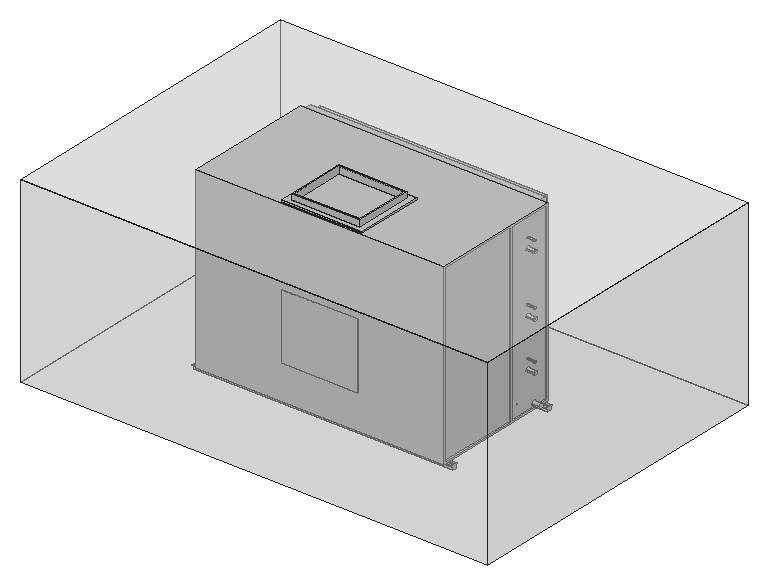
Revit family "outputfile", category 機械設備, Revit 2024
Family settings
  丸型コネクタ寸法 = 半径を使用
  パーツ タイプ = 標準
  OmniClass 番号 = 23.75.10.24.21.27.27
  OmniClass タイトル = Split System Air Conditioning Units
  作業面ベース = いいえ
  常に垂直 = はい
  ロード時にボイドで切り取り = いいえ
  注釈の向きを維持 = いいえ
  共有 = いいえ
  部屋計算ポイント = はい
Parameters (values of type "FBVN350H3BY1C")
  Description = ""
  書き出し IFC クラス(タイプ) = "IfcUnitaryEquipmentType"
  定義済み IFC タイプ(タイプ) = "AIRCONDITIONINGUNIT"
  Cost = 0
  Type Comments = ""
  Keynote = ""
  Type Image = (empty or 0)
  Assembly Code = ""
  switch_frequency = yes
  lw_power = 950 mm
  lw_frontpanel = 620 mm
  lw_box_front = lw_box + 18 mm  # 115 mm
  lw_box = 97 mm
  lw_RA = 981 mm
  lh_liquidpipe_3 = 424 mm
  lh_liquidpipe_2 = 819 mm
  lh_height_SA = 482 mm
  lh_ld_mountinghole_height = 35 mm
  lh_height_RA = 1326 mm
  lh_hangerfixture = 35 mm
  lh_gaspipe_3 = 344 mm
  lh_gaspipe_2 = 739 mm
  lh_frontpanel_bottom = if(Width = 1766 mm, 444 mm, if(Width = 2022 mm, 317 mm, 402 mm))  # 317 mm
  lh_frontpanel = if(Width = 1766 mm, 542 mm, if(Width = 2022 mm, 542 mm, 758 mm))  # 542 mm
  lh_circlevoid = 135.5 mm
  lh_box_top = 95 mm
  lh_box = 351 mm
  lh_SA = 1546 mm
  lh_RA = 788 mm
  ld_void = 680 mm
  ld_frontpanel = 0 mm
  ld_depth_SA = 301 mm
  ld_depth_RA = 130 mm
  ld_circlevoid = 294.5 mm
  ld_box_left = 114 mm
  ld_box = 490 mm
  connector_voltage = 0 V
  connector_powerinput = [Power Input (Cooling)]  # 34.550 kW
  connector_phase = 1
  製造元 = "Daikin"
  モデル = "FBVN350H3BY1C"
  w_pipe = 33 mm
  r_Liquid Pipe Size = Liquid Pipe Size / 2  # 6.35 mm
  r_Gas Pipe Size = Gas Pipe Size / 2  # 12.7 mm
  r_Drain Pipe Size = Drain Pipe Size / 2  # 17.0 mm
  lw_powersupply = lw_power  # 950 mm
  lw_width_RA = 1852 mm
  lw_width_SA = 560 mm
  lh_suctionflange [instance] = 100 mm
  ld_suctionflange [instance] = 190 mm
  ld_powersupply = 200 mm
  angle_vertical_RA [instance] = 90.00°
  angle horizontal_RA [instance] = 180.00°
  Voltage_comment_50Hz = "380 - 415"
  Voltage_50Hz = 400 V
  URL = ""
  Sound Power Level_H speed (dB) = 0
  Phase_50Hz = 3
  Minimum External Static Pressure = 0.00 Pa
  Minimum Circuit Amps_50Hz = 0.0 A
  Maximum Fuse Amps_50Hz = 0.0 A
  Maximum External Static Pressure = 200.00 Pa
  Material_Casing = DAIKIN_GalvanizedSteel_Casing_indoorunit
  lw_liquidpipe = 1061 mm
  lw_gaspipe = 1061 mm
  lw_mountinghole_pitch = 2082 mm
  lw_mountinghole = 2122 mm
  lw_drainpipe = 1061 mm
  lh_powersupply = 1040 mm
  lh_liquidpipe = 1313 mm
  lh_gaspipe = 1233 mm
  lh_mountinghole = 5 mm
  lh_drainpipe = 73 mm
  lh_antena = Height - 4 mm  # 1482 mm
  ld_liquidpipe = 346.5 mm
  ld_gaspipe = 346.5 mm
  ld_mountinghole_pitch = 974 mm
  ld_drainpipe = 405.5 mm
  ld_controlbox = 626 mm
  h*** = 0 mm  # constant formula
  d_dischargeflange = 60 mm
  Width = 2022 mm
  Version = "ver.1.0"
  Unit Type = "Duct"
  Unit Mass Weight = 431.00 kg
  Unit Designation [instance] = ""
  Uniclass2015Version = "Products v1.30"
  Uniclass2015Title = "Split coil room air conditioning units"
  Uniclass2015Code = "Pr_70_65_03_86"
  Total Cooling Capacity [instance] = 0.000 kW
  Sound Pressure Level_M speed (dBA) = 0
  Sound Pressure Level_L speed (dBA) = 0
  Sound Pressure Level_H speed (dBA) = 66
  Series = "Package Aircon_Fan Coil Unit"
  Sensible Cooling Capacity [instance] = 0.000 kW
  SA Duct Size Width = 560 mm
  SA Duct Size Height = 482 mm
  Refrigerant Type = "R410A"
  RA Duct Size Width = 1852 mm
  RA Duct Size Height = 1326 mm
  Power Input (Cooling) = 34.550 kW
  Option Accessory 3 [instance] = ""
  Option Accessory 2 [instance] = ""
  Option Accessory 1 [instance] = ""
  Nominal Cooling Capacity = 102.500 kW
  Minimum Airflow = 0.00 m³/h
  Median Airflow = 0.00 m³/h
  Maximum Airflow = 17840.00 m³/h
  Load Classification = HVAC
  Liquid Pipe Size = 12.7 mm
  Link_Nested Family [instance] = ""
  IfcVersion = ""
  IfcExportType = "AIRCONDITIONINGUNIT"
  IfcExportAs = "IfcUnitaryEquipmentType"
  Height = 1486 mm
  Heat Exchanger Type = "Cross Fin Coil"
  Gas Pipe Size = 25.4 mm
  Frequency_50Hz = 50 Hz
  Fan Type = "Sirocco Fan"
  Fan Drive = "-"
  FCU Tag No. [instance] = ""
  Drain Pipe Size = 34.0 mm
  Design Supply Airflow [instance] = 0.00 m³/h
  Design Return Airflow [instance] = 0.00 m³/h
  Design External Static Pressure [instance] = 0.00 Pa
  Depth = 1069 mm
  既定の高さ = 0 mm
  Cooling Entering Wet Bulb Temperature [instance] = 0.00 °C
  Cooling Entering Dry Bulb Temperature [instance] = 0.00 °C
  Cooling Ambient Wet Bulb Temperature [instance] = 0.00 °C
  Cooling Ambient Dry Bulb Temperature [instance] = 0.00 °C
  Clearance visibility [instance] = yes
  Clearance Top = 0 mm
  Clearance Right = 1000 mm
  Clearance Rear = 800 mm
  Clearance Left = 800 mm
  Clearance Front = 800 mm
  Clearance Bottom = 0 mm
Reference planes
  plane 1 "Center (Front/Back)": y = 0
  plane 2: z = 0
  plane 3 "Center (Left/Right)": x = 0
  plane 4 "Back": y = 534.5
  plane 5 "Front": y = -534.5
  plane 6 "Left": x = -1011
  plane 7 "Right": x = 1011
  plane 8 "Top": z = 0
  plane 9 "Bottom": z = -1486
  plane 10: z = -173
  plane 11: z = -253
  plane 12: x = -1041
  plane 13: x = 1041
  plane 14: x = 1061
  plane 15: x = 1061
  plane 16: z = -1481
  plane 17 "Clearance Left": x = -1811
  plane 18 "Clearance Right": x = 2011
  plane 19 "Clearance Rear": y = 1334.5
  plane 20 "Clearance Front": y = -1334.5
  plane 21 "Clearance Bottom": z = -1486
  plane 22: z = -1413
  plane 23 "ld_gas": y = 346.5
  plane 24: y = 346.5
  plane 25: y = -30
  plane 26: y = 405.5
  plane 27: y = 344.5
  plane 28: x = 1061
  plane 29: y = 487
  plane 30: y = -487
  plane 31: y = -233.5
  plane 32: y = 664.5
  plane 33 "Clearance Top": z = 0
  plane 34: z = -446
  plane 35: y = -200
  plane 36 "hangerfixture": z = -1451
  plane 37 "lh_SA": z = 60
  plane 38 "lh_RA": z = -698
  plane 39 "RA_center": x = -30
  plane 40: y = -524.5
  plane 41: y = 155.5
  plane 42: y = 524.5
  plane 43: z = -10
  plane 44: z = -1441
  plane 45: y = 165.5
  plane 46: y = -524.5
  plane 47: y = 155.5
  plane 48: y = 524.5
  plane 49: z = -10
  plane 50: z = -1441
  plane 51: y = 165.5
  plane 52 "box_bottom": z = -446
  plane 53 "box_top": z = -95
  plane 54: x = -310
  plane 55: x = 310
  plane 56: y = -534.5
  plane 57: y = -524.5
  plane 58 "lw_power": x = 950
  plane 59: z = -667
  plane 60: z = -747
  plane 61: z = -1062
  plane 62: z = -1142
  plane 63: x = 991
  plane 64: x = -991
  plane 65: z = -1169
  plane 66: z = -627
Forms (mm)
  Extrusion 1, solid, material "DAIKIN_GalvanizedSteel_Casing_indoorunit" <- "Material_Casing"
    sketch origin (0, -0.8, 0) x (1, 0, 0) y (0, 1, 0)
      loop
        line (-1011, -533.7) -> (1011, -533.7) -> (1011, 535.3) -> (-1011, 535.3) -> (-1011, -533.7)
    from -1451 to 0
  Revolve 2, solid, material "DAIKIN_GalvanizedSteel_Casing_indoorunit" <- "Material_Casing"
    sketch origin (0, 0, -253) x (0, -1, 0) y (1, 0, 0)
      loop
        line (-333.8, 991) -> (-333.8, 1061) -> (-346.5, 1061) -> (-346.5, 991) -> (-333.8, 991)
      axis (-346.5, 991) -> (-346.5, 1061)
    angle from 0 to 360
  Revolve 3, solid, material "DAIKIN_GalvanizedSteel_Casing_indoorunit" <- "Material_Casing"
    sketch origin (0, 0, -173) x (0, -1, 0) y (1, 0, 0)
      loop
        line (-346.5, 991) -> (-346.5, 1061) -> (-352.85, 1061) -> (-352.85, 991) -> (-346.5, 991)
      axis (-346.5, 1061) -> (-346.5, 991)
    angle from 0 to 360
  Extrusion 4, solid, material "DAIKIN_GalvanizedSteel_Casing_indoorunit" <- "Material_Casing"
    sketch origin (0, 0, 0) x (0, 1, 0) y (0, 0, 1)
      loop
        circle (405.5, -1413) r 17
    from 1061 to 991
  Extrusion 5, void
    sketch origin (1011, 0, 0) x (0, 1, 0) y (0, 0, 1)
      loop
        line (-524.5, -10) -> (-524.5, -1441) -> (155.5, -1441) -> (155.5, -10) -> (-524.5, -10)
      loop
        line (524.5, -10) -> (165.5, -10) -> (165.5, -1441) -> (524.5, -1441) -> (524.5, -10)
    from 0 to -20
  Extrusion 6, void
    sketch origin (-1011, 0, 0) x (0, 1, 0) y (0, 0, 1)
      loop
        line (-524.5, -10) -> (-524.5, -1441) -> (155.5, -1441) -> (155.5, -10) -> (-524.5, -10)
      loop
        line (524.5, -10) -> (165.5, -10) -> (165.5, -1441) -> (524.5, -1441) -> (524.5, -10)
    from 0 to 20
  Extrusion 7, solid, material "DAIKIN_GalvanizedSteel_Casing_indoorunit" <- "Material_Casing"
    sketch origin (0, 0, -1486) x (-1, 0, 0) y (0, -1, 0)
      loop
        line (310, 524.5) -> (310, 534.5) -> (-310, 534.5) -> (-310, 524.5) -> (310, 524.5)
    from 317 to 859
  Revolve 8, solid, material "DAIKIN_GalvanizedSteel_Casing_indoorunit" <- "Material_Casing"
    sketch origin (0, 0, -747) x (0, -1, 0) y (1, 0, 0)
      loop
        line (-333.8, 991) -> (-333.8, 1061) -> (-346.5, 1061) -> (-346.5, 991) -> (-333.8, 991)
      axis (-346.5, 991) -> (-346.5, 1061)
    angle from 0 to 360
  Revolve 9, solid, material "DAIKIN_GalvanizedSteel_Casing_indoorunit" <- "Material_Casing"
    sketch origin (0, 0, -667) x (0, -1, 0) y (1, 0, 0)
      loop
        line (-346.5, 991) -> (-346.5, 1061) -> (-352.85, 1061) -> (-352.85, 991) -> (-346.5, 991)
      axis (-346.5, 1061) -> (-346.5, 991)
    angle from 0 to 360
  Extrusion 10, void
    sketch origin (1011, 0, 0) x (0, 1, 0) y (0, 0, 1)
      loop
        circle (240, -1350.5) r 13.5
    from -21 to 0
  Revolve 11, solid, material "DAIKIN_GalvanizedSteel_Casing_indoorunit" <- "Material_Casing"
    sketch origin (0, 0, -1142) x (0, -1, 0) y (1, 0, 0)
      loop
        line (-333.8, 991) -> (-333.8, 1061) -> (-346.5, 1061) -> (-346.5, 991) -> (-333.8, 991)
      axis (-346.5, 991) -> (-346.5, 1061)
    angle from 0 to 360
  Revolve 12, solid, material "DAIKIN_GalvanizedSteel_Casing_indoorunit" <- "Material_Casing"
    sketch origin (0, 0, -1062) x (0, -1, 0) y (1, 0, 0)
      loop
        line (-346.5, 991) -> (-346.5, 1061) -> (-352.85, 1061) -> (-352.85, 991) -> (-346.5, 991)
      axis (-346.5, 1061) -> (-346.5, 991)
    angle from 0 to 360
Cuts and joins
  Extrusion 5, Extrusion 6, Extrusion 10 cuts Extrusion 1
  Extrusion 6 cuts Revolve 2
  Extrusion 6 cuts Revolve 3
  Extrusion 6 cuts Extrusion 4
Dimensions and locks
  equal spacing: plane 12, plane 3 "Center (Left/Right)", plane 13
  "lw_mountinghole_pitch": plane 12 to plane 13
  "lh_liquidpipe": plane 10 to plane 9 "Bottom"
  "lh_gaspipe": plane 11 to plane 9 "Bottom"
  equal spacing: plane 6 "Left", plane 3 "Center (Left/Right)", plane 7 "Right"
  "Width": plane 6 "Left" to plane 7 "Right"
  "Clearance Right": plane 7 "Right" to plane 18 "Clearance Right"
  "Clearance Left": plane 17 "Clearance Left" to plane 6 "Left"
  "Clearance Rear": plane 19 "Clearance Rear" to plane 4 "Back"
  "Clearance Front": plane 5 "Front" to plane 20 "Clearance Front"
  "Depth": plane 4 "Back" to plane 5 "Front"
  equal spacing: plane 4 "Back", plane 1 "Center (Front/Back)", plane 5 "Front"
  "ld_suctionflange": plane 4 "Back" to plane 27
  "r_Liquid Pipe Size": nested 5 to Revolve 3 sketch curve
  equal spacing: plane 29, plane 1 "Center (Front/Back)", plane 30
  "ld_mountinghole_pitch": plane 29 to plane 30
  "lw_liquidpipe": plane 3 "Center (Left/Right)" to plane 14
  "lw_gaspipe": plane 3 "Center (Left/Right)" to plane 15
  "lw_drainpipe": plane 3 "Center (Left/Right)" to plane 28
  "lh_drainpipe": plane 22 to plane 9 "Bottom"
  "Clearance Top": plane 33 "Clearance Top" to plane 8 "Top"
  "Clearance Bottom": plane 9 "Bottom" to plane 21 "Clearance Bottom"
  "lh_powersupply": plane 34 to plane 9 "Bottom"
  plane 8 "Top" to level = 0 mm
  "lh_hangerfixture": plane 36 "hangerfixture" to plane 9 "Bottom"
  "lh_SA": plane 37 "lh_SA" to plane 9 "Bottom"
  "ld_depth_RA": plane 32 to plane 4 "Back"
  "lh_RA": plane 38 "lh_RA" to plane 9 "Bottom"
  "lw_RA": plane 6 "Left" to plane 39 "RA_center"
  locked: plane 36 "hangerfixture" to plane 44 at 10
  plane 5 "Front" to plane 40 = 10 mm
  locked: plane 8 "Top" to plane 43 at 10
  plane 42 to plane 4 "Back" = 10 mm
  "ld_void": plane 40 to plane 41
  "ld_void": plane 46 to plane 47
  plane 5 "Front" to plane 46 = 10 mm
  plane 48 to plane 4 "Back" = 10 mm
  locked: plane 8 "Top" to plane 49 at 10
  locked: plane 50 to plane 36 "hangerfixture" at 10
  "lh_box_top": plane 8 "Top" to plane 53 "box_top"
  "lh_box": plane 53 "box_top" to plane 52 "box_bottom"
  equal spacing: plane 54, plane 3 "Center (Left/Right)", plane 55
  "lw_power": plane 3 "Center (Left/Right)" to plane 58 "lw_power"
  "lh_gaspipe_2": plane 60 to plane 9 "Bottom"
  "lh_liquidpipe_2": plane 59 to plane 9 "Bottom"
  "ld_powersupply": plane 35 to plane 1 "Center (Front/Back)"
  "ld_drainpipe": plane 26 to plane 1 "Center (Front/Back)"
  "ld_gaspipe": plane 23 "ld_gas" to plane 1 "Center (Front/Back)"
  "r_Gas Pipe Size": plane 23 "ld_gas" to Revolve 8 sketch curve
  "r_Gas Pipe Size": plane 23 "ld_gas" to Revolve 2 sketch curve
  "r_Liquid Pipe Size": Revolve 9 sketch curve to plane 24
  "ld_liquidpipe": plane 24 to plane 1 "Center (Front/Back)"
  "ld_depth_SA": plane 31 to plane 5 "Front"
  "lh_circlevoid": Extrusion 10 sketch curve to plane 9 "Bottom"
  "Height": plane 8 "Top" to plane 9 "Bottom"
  "lh_mountinghole": plane 16 to plane 9 "Bottom"
  "lh_gaspipe_3": plane 62 to plane 9 "Bottom"
  "lh_liquidpipe_3": plane 61 to plane 9 "Bottom"
  "ld_circlevoid": Extrusion 10 sketch curve to plane 4 "Back"
  locked: plane 63 to plane 7 "Right" at 20
  locked: plane 6 "Left" to plane 64 at 20
  "lh_frontpanel_bottom": plane 65 to plane 9 "Bottom"
  "lh_frontpanel": plane 66 to plane 65
  "r_Gas Pipe Size": plane 24 to Revolve 11 sketch curve
  "r_Liquid Pipe Size": Revolve 12 sketch curve to plane 24
  "lw_frontpanel": plane 54 to plane 55
  locked: plane 57 to plane 5 "Front" at 10
  "ld_frontpanel": plane 5 "Front" to plane 56
  locked: plane 41 to plane 45 at 10
  locked: plane 47 to plane 51 at 10
  "r_Drain Pipe Size": radius of Extrusion 4 sketch curve
  diameter of Extrusion 10 sketch curve = 27 mm
  aligned and locked: level to plane 2
  aligned and locked: plane 8 "Top" to Extrusion 1
  aligned and locked: Revolve 2 sketch curve to Revolve 2 sketch curve
  aligned and locked: plane 14 to nested 5
  aligned and locked: nested 5 to plane 10
  aligned and locked: plane 13 to nested 2
  aligned and locked: plane 12 to nested 3
  aligned and locked: plane 12 to nested 4
  aligned and locked: nested 6 to plane 11
  aligned and locked: plane 23 "ld_gas" to nested 6
  aligned and locked: plane 24 to nested 5
  aligned and locked: Extrusion 4 sketch curve to plane 26
  aligned and locked: nested 10 to plane 19 "Clearance Rear"
  aligned and locked: nested 10 to plane 18 "Clearance Right"
  aligned and locked: nested 10 to plane 17 "Clearance Left"
  aligned and locked: nested 10 to plane 20 "Clearance Front"
  aligned and locked: plane 28 to Extrusion 4
  aligned and locked: plane 15 to nested 6
  aligned and locked: plane 13 to nested 1
  aligned and locked: plane 26 to nested 7
  aligned and locked: nested 7 to plane 22
  aligned and locked: nested 7 to plane 28
  aligned and locked: plane 29 to nested 1
  aligned and locked: plane 30 to nested 2
  aligned and locked: nested 4 to plane 29
  aligned and locked: nested 3 to plane 30
  aligned and locked: nested 9 to plane 4 "Back"
  aligned and locked: plane 32 to nested 13
  aligned and locked: plane 3 "Center (Left/Right)" to nested 12
  aligned and locked: nested 10 to plane 33 "Clearance Top"
  aligned and locked: nested 10 to plane 21 "Clearance Bottom"
  aligned and locked: nested 11 to plane 9 "Bottom"
  aligned and locked: plane 36 "hangerfixture" to Extrusion 1
  aligned and locked: Extrusion 1 to plane 5 "Front"
  aligned and locked: Extrusion 1 to plane 4 "Back"
  aligned and locked: plane 38 "lh_RA" to nested 9
  aligned and locked: nested 13 to plane 38 "lh_RA"
  aligned and locked: plane 39 "RA_center" to nested 9
  aligned and locked: nested 13 to plane 39 "RA_center"
  aligned and locked: Extrusion 5 sketch curve to plane 43
  aligned and locked: Extrusion 5 sketch curve to plane 40
  aligned and locked: plane 44 to Extrusion 5 sketch curve
  aligned and locked: Extrusion 5 sketch curve to plane 41
  aligned and locked: plane 43 to Extrusion 5 sketch curve
  aligned and locked: Extrusion 5 sketch curve to plane 42
  aligned and locked: Extrusion 5 sketch curve to plane 44
  aligned and locked: Extrusion 5 sketch curve to plane 45
  aligned and locked: Extrusion 6 sketch curve to plane 49
  aligned and locked: Extrusion 6 sketch curve to plane 46
  aligned and locked: plane 50 to Extrusion 6 sketch curve
  aligned and locked: Extrusion 6 sketch curve to plane 47
  aligned and locked: plane 49 to Extrusion 6 sketch curve
  aligned and locked: Extrusion 6 sketch curve to plane 48
  aligned and locked: Extrusion 6 sketch curve to plane 50
  aligned and locked: Extrusion 6 sketch curve to plane 51
  aligned and locked: Extrusion 7 sketch curve to plane 57
  aligned and locked: Extrusion 7 sketch curve to plane 54
  aligned and locked: plane 56 to Extrusion 7 sketch curve
  aligned and locked: plane 55 to Extrusion 7 sketch curve
  aligned and locked: Revolve 8 sketch curve to Revolve 8 sketch curve
  aligned and locked: nested 15 to plane 59
  aligned and locked: nested 16 to plane 60
  aligned and locked: plane 14 to Revolve 9
  aligned and locked: nested 15 to plane 14
  aligned and locked: cut or joined group of Revolve 2, Extrusion 6 to plane 15  (x3)
  aligned and locked: nested 6 to plane 15
  aligned and locked: plane 15 to cut or joined group of Revolve 2, Extrusion 6
  aligned and locked: nested 14 to plane 35
  aligned and locked: Revolve 2 sketch curve to plane 23 "ld_gas"
  aligned and locked: plane 23 "ld_gas" to nested 16
  aligned and locked: plane 24 to nested 15
  aligned and locked: plane 37 "lh_SA" to nested 12
  aligned and locked: plane 37 "lh_SA" to nested 8
  aligned and locked: plane 31 to nested 12
  aligned and locked: plane 31 to nested 8
  aligned and locked: cut or joined group of Extrusion 1, Extrusion 5, Extrusion 6, Extrusion 10 to cut or joined group of Extrusion 4, Extrusion 6
  aligned and locked: cut or joined group of Extrusion 1, Extrusion 5, Extrusion 6, Extrusion 10 to Revolve 9
  aligned and locked: Revolve 8 to cut or joined group of Extrusion 1, Extrusion 5, Extrusion 6, Extrusion 10
  aligned and locked: cut or joined group of Extrusion 1, Extrusion 5, Extrusion 6, Extrusion 10 to cut or joined group of Revolve 3, Extrusion 6
  aligned and locked: cut or joined group of Revolve 2, Extrusion 6 to cut or joined group of Extrusion 1, Extrusion 5, Extrusion 6, Extrusion 10
  aligned and locked: nested 14 to plane 58 "lw_power"
  aligned and locked: nested 14 to plane 34
  aligned and locked: Revolve 11 sketch curve to Revolve 11 sketch curve
  aligned and locked: nested 17 to plane 61
  aligned and locked: nested 18 to plane 62
  aligned and locked: plane 64 to cut or joined group of Extrusion 1, Extrusion 5, Extrusion 6, Extrusion 10
  aligned and locked: Extrusion 5 to plane 63
  aligned and locked: plane 24 to nested 17
  aligned and locked: plane 23 "ld_gas" to nested 18
  aligned and locked: Extrusion 7 to plane 65
  aligned and locked: plane 66 to Extrusion 7
Automatic sketch dimensions
  Extrusion 1 sketch curve to plane 4 "Back" = 0 mm
  Extrusion 1 sketch curve to plane 6 "Left" = 0 mm
  Extrusion 1 sketch curve to plane 5 "Front" = 0 mm
  Extrusion 1 sketch curve to plane 7 "Right" = 0 mm
  Revolve 3 sketch curve to plane 23 "ld_gas" = 0 mm  (x2)
  Revolve 3 sketch curve to plane 14 = 0 mm  (x2)
  Revolve 3 sketch curve to plane 7 "Right" = 20 mm
  plane 7 "Right" to Revolve 3 sketch curve = 15 mm
  Extrusion 4 sketch curve to plane 22 = 0 mm
  Revolve 9 sketch curve to plane 23 "ld_gas" = 0 mm  (x2)
  Revolve 9 sketch curve to plane 14 = 0 mm  (x2)
  Revolve 9 sketch curve to plane 7 "Right" = 20 mm
  plane 7 "Right" to Revolve 9 sketch curve = 15 mm
  Revolve 12 sketch curve to plane 14 = 0 mm  (x2)
  Revolve 12 sketch curve to plane 23 "ld_gas" = 0 mm  (x2)
  Revolve 12 sketch curve to plane 7 "Right" = 20 mm
  plane 7 "Right" to Revolve 12 sketch curve = 15 mm
  Revolve 2 sketch curve to plane 63 = 0 mm
  Revolve 2 sketch curve to plane 14 = 0 mm
  plane 7 "Right" to Revolve 2 sketch curve = 2.003 mm
  plane 14 to Revolve 2 sketch curve = 1.003 mm
  Revolve 8 sketch curve to plane 23 "ld_gas" = 0 mm
  Revolve 8 sketch curve to plane 63 = 0 mm
  Revolve 8 sketch curve to plane 14 = 0 mm
  plane 7 "Right" to Revolve 8 sketch curve = 2.003 mm
  plane 14 to Revolve 8 sketch curve = 1.003 mm
  Revolve 11 sketch curve to plane 23 "ld_gas" = 0 mm
  Revolve 11 sketch curve to plane 63 = 0 mm
  Revolve 11 sketch curve to plane 14 = 0 mm
  plane 7 "Right" to Revolve 11 sketch curve = 2.003 mm
  plane 14 to Revolve 11 sketch curve = 1.003 mm
Nested families
  nested 1: "daikin_mountinghole" at (1041, 487, -1486), Link_Nested Family <- "Link_Nested Family", h_mountinghole <- "lh_mountinghole", l_antenna <- "lh_antena", type "daikin_mountinghole"
    with show yes, l_antenna 1482 mm, h_mountinghole 5 mm, Link_Nested Family "", d_circle 23 mm
  nested 2: "daikin_mountinghole" at (1041, -487, -1486), Link_Nested Family <- "Link_Nested Family", h_mountinghole <- "lh_mountinghole", l_antenna <- "lh_antena", type "daikin_mountinghole"
    with show yes, l_antenna 1482 mm, h_mountinghole 5 mm, Link_Nested Family "", d_circle 23 mm
  nested 3: "daikin_mountinghole" at (-1041, -487, -1486), Link_Nested Family <- "Link_Nested Family", h_mountinghole <- "lh_mountinghole", l_antenna <- "lh_antena", type "daikin_mountinghole"
    with show yes, l_antenna 1482 mm, h_mountinghole 5 mm, Link_Nested Family "", d_circle 23 mm
  nested 4: "daikin_mountinghole" at (-1041, 487, -1486), Link_Nested Family <- "Link_Nested Family", h_mountinghole <- "lh_mountinghole", l_antenna <- "lh_antena", type "daikin_mountinghole"
    with show yes, l_antenna 1482 mm, h_mountinghole 5 mm, Link_Nested Family "", d_circle 23 mm
  nested 5: "daikin_connector_rotate2" at (0, 346.5, -173) x (0, 1, 0) z (0, 0, 1), length <- "lw_liquidpipe", built-in parameter 1001364 <- "lh_liquidpipe", radius <- "r_Liquid Pipe Size", type "daikin_connector_rotate2"
    with radius 6.35 mm, length 1061 mm, angle_vertical 90.00°
  nested 6: "daikin_connector_rotate2" at (0, 346.5, -253) x (0, 1, 0) z (0, 0, 1), length <- "lw_gaspipe", built-in parameter 1001364 <- "lh_gaspipe", radius <- "r_Gas Pipe Size", type "daikin_connector_rotate2"
    with radius 12.7 mm, length 1061 mm, angle_vertical 90.00°
  nested 7: "daikin_connector_rotate2" at (0, 405.5, -1413) x (0, 1, 0) z (0, 0, 1), built-in parameter 1001364 <- "lh_drainpipe", length <- "lw_drainpipe", radius <- "r_Drain Pipe Size", type "daikin_connector_rotate2"
    with radius 17 mm, length 1061 mm, angle_vertical 90.00°
  nested 8: "daikin_connector_rotate2" at (0, -233.5, 0) x (1, 0, 0) z (0, 1, 0), length <- "d_dischargeflange", type "daikin_connector_rotate2"
    with radius 10 mm, length 60 mm, angle_vertical 90.00°
  nested 9: "daikin_ductflange_FBVN-H3BY1C" at (-30, 534.5, -698), material <- "Material_Casing", width <- "lw_width_RA", height <- "lh_height_RA", depth <- "ld_depth_RA", type "daikin_ductflange_FBVN-H3BY1C"
    with x 35 mm, width 1852 mm, material DAIKIN_GalvanizedSteel_Casing_indoorunit, height 1326 mm, depth 130 mm
  nested 10: "daikin_clearancespace" at (100, 0, -742.881), visible <- "Clearance visibility", show <- "Clearance visibility", Link_Nested Family <- "Link_Nested Family", type "daikin_clearancespace"
    with width 3822 mm, show yes, height 1486 mm, depth 2669 mm, Link_Nested Family ""
  nested 11: "daikin_hangerfixture_FBVN-H3BY1C" at (0, 0, -1486), type "daikin_hangerfixture_FBVN-H3BY1C"
    with width 2082 mm, G 2122 mm
  nested 12: "daikin_ductflange_FBVN-H3BY1C_1" at (0, -422.901, 0) x (1, 0, 0) z (0, 1, 0), width <- "lw_width_SA", material <- "Material_Casing", height <- "lh_height_SA", depth <- "d_dischargeflange", type "daikin_ductflange_FBVN-H3BY1C_1"
    with width 560 mm, t 10 mm, material DAIKIN_GalvanizedSteel_Casing_indoorunit, height 482 mm, depth 60 mm
  nested 13: "daikin_connector_rotate2" at (-30, 534.5, -698) x (-1, 0, 0) z (0, 0, 1), length <- "ld_depth_RA", type "daikin_connector_rotate2"
    with radius 10 mm, length 130 mm, angle_vertical 90.00°
  nested 14: "daikin_connector_rotate2" at (950, -200, -95) x (0, 1, 0) z (1, 0, 0), length <- "lh_box", type "daikin_connector_rotate2"
    with radius 10 mm, length 351 mm, angle_vertical 90.00°
  nested 15: "daikin_connector_rotate2" at (0, 346.5, -667) x (0, 1, 0) z (0, 0, 1), length <- "lw_liquidpipe", built-in parameter 1001364 <- "lh_liquidpipe", radius <- "r_Liquid Pipe Size", type "daikin_connector_rotate2"
    with radius 6.35 mm, length 1061 mm, angle_vertical 90.00°
  nested 16: "daikin_connector_rotate2" at (0, 346.5, -747) x (0, 1, 0) z (0, 0, 1), length <- "lw_gaspipe", built-in parameter 1001364 <- "lh_gaspipe", radius <- "r_Gas Pipe Size", type "daikin_connector_rotate2"
    with radius 12.7 mm, length 1061 mm, angle_vertical 90.00°
  nested 17: "daikin_connector_rotate2" at (0, 346.5, -1062) x (0, 1, 0) z (0, 0, 1), length <- "lw_liquidpipe", built-in parameter 1001364 <- "lh_liquidpipe", radius <- "r_Liquid Pipe Size", type "daikin_connector_rotate2"
    with radius 6.35 mm, length 1061 mm, angle_vertical 90.00°
  nested 18: "daikin_connector_rotate2" at (0, 346.5, -1142) x (0, 1, 0) z (0, 0, 1), length <- "lw_gaspipe", built-in parameter 1001364 <- "lh_gaspipe", radius <- "r_Gas Pipe Size", type "daikin_connector_rotate2"
    with radius 12.7 mm, length 1061 mm, angle_vertical 90.00°
Connectors
  piping at (1061, 346.5, -253), diameter 25.4, driven by "r_Gas Pipe Size"
    settings: on nested 6, index 1, connector inside diameter 609.6 mm, connector length 0 mm, flow factor 0, pipe flow 0.00 m³/h, pressure drop 0.0 Pa, fitting loss kfactor 0, connector angle 0.00°, fixture units 0, engagement length 0 mm, angle of deflection 0.00°, flow configuration 1, flow direction 2, fitting loss method 0, system type 29, joint type 0, gender type 0, connector reference index -1, connector utility 0, adjustable connector no, is connector primary yes, connector description "Refrigerant Gas Piping"
  piping at (1061, 346.5, -173), diameter 12.7, driven by "r_Liquid Pipe Size"
    settings: on nested 5, index 2, connector inside diameter 609.6 mm, connector length 0 mm, flow factor 0, pipe flow 0.00 m³/h, pressure drop 0.0 Pa, fitting loss kfactor 0, connector angle 0.00°, fixture units 0, engagement length 0 mm, angle of deflection 0.00°, flow configuration 1, flow direction 1, fitting loss method 0, system type 29, joint type 0, gender type 0, connector reference index -1, connector utility 0, adjustable connector no, is connector primary no, connector description "Refrigerant Liquid Piping"
  piping at (1061, 405.5, -1413), diameter 34, driven by "r_Drain Pipe Size"
    settings: on nested 7, index 3, connector inside diameter 609.6 mm, connector length 0 mm, flow factor 0, pipe flow 0.00 m³/h, pressure drop 0.0 Pa, fitting loss kfactor 0, connector angle 0.00°, fixture units 0, engagement length 0 mm, angle of deflection 0.00°, flow configuration 1, flow direction 2, fitting loss method 4, system type 16, joint type 0, gender type 0, connector reference index -1, connector utility 0, adjustable connector no, is connector primary no, connector description "Condensate Drain Piping"
  hvac at (0, -233.5, 60), driven by "SA Duct Size Height", driven by "SA Duct Size Width"
    settings: on nested 8, index 7, duct flow 0.00 m³/h, flow factor 0, pres drop 0.00 Pa, loss coef 0, conn angle 0.00°, conn width 560.0 mm, conn height 482.0 mm, conn diameter 609.6 mm, duct sys type 1, conn prof type 1, flow config 0, flow direction 2, loss method 4, conn ref index -1, conn util no, is conn primary yes, conn desc "SA Duct"
  hvac at (-30, 664.5, -698), driven by "RA Duct Size Width", driven by "RA Duct Size Height"
    settings: on nested 13, index 8, duct flow 0.00 m³/h, flow factor 0, pres drop 0.00 Pa, loss coef 0, conn angle 0.00°, conn width 1852.0 mm, conn height 1326.0 mm, conn diameter 609.6 mm, duct sys type 2, conn prof type 1, flow config 0, flow direction 1, loss method 4, conn ref index -1, conn util no, is conn primary no, conn desc "RA Duct"
  electrical at (950, -200, -446), driven by "Load Classification", driven by "connector_phase", driven by "connector_powerinput", driven by "connector_voltage"
    settings: on nested 14, index 9, voltage 0 V, apparent load 34550 VA, apparent load phase1 0 VA, apparent load phase2 0 VA, apparent load phase3 0 VA, power factor 1, load classification "HVAC", number of poles 1, system type 30, power factor state 1, is connector primary yes, connector utility no, sub classification motor no, connector description "Power Supply"
  piping at (1061, 346.5, -747), diameter 25.4, driven by "r_Gas Pipe Size"
    settings: on nested 16, index 10, connector inside diameter 609.6 mm, connector length 0 mm, flow factor 0, pipe flow 0.00 m³/h, pressure drop 0.0 Pa, fitting loss kfactor 0, connector angle 0.00°, fixture units 0, engagement length 0 mm, angle of deflection 0.00°, flow configuration 1, flow direction 2, fitting loss method 0, system type 29, joint type 0, gender type 0, connector reference index -1, connector utility 0, adjustable connector no, is connector primary no, connector description "Refrigerant Gas Piping"
  piping at (1061, 346.5, -667), diameter 12.7, driven by "r_Liquid Pipe Size"
    settings: on nested 15, index 11, connector inside diameter 609.6 mm, connector length 0 mm, flow factor 0, pipe flow 0.00 m³/h, pressure drop 0.0 Pa, fitting loss kfactor 0, connector angle 0.00°, fixture units 0, engagement length 0 mm, angle of deflection 0.00°, flow configuration 1, flow direction 1, fitting loss method 0, system type 29, joint type 0, gender type 0, connector reference index -1, connector utility 0, adjustable connector no, is connector primary no, connector description "Refrigerant Liquid Piping"
  piping at (1061, 346.5, -1142), diameter 25.4, driven by "r_Gas Pipe Size"
    settings: on nested 18, index 12, connector inside diameter 609.6 mm, connector length 0 mm, flow factor 0, pipe flow 0.00 m³/h, pressure drop 0.0 Pa, fitting loss kfactor 0, connector angle 0.00°, fixture units 0, engagement length 0 mm, angle of deflection 0.00°, flow configuration 1, flow direction 2, fitting loss method 0, system type 29, joint type 0, gender type 0, connector reference index -1, connector utility 0, adjustable connector no, is connector primary no, connector description "Refrigerant Gas Piping"
  piping at (1061, 346.5, -1062), diameter 12.7, driven by "r_Liquid Pipe Size"
    settings: on nested 17, index 13, connector inside diameter 609.6 mm, connector length 0 mm, flow factor 0, pipe flow 0.00 m³/h, pressure drop 0.0 Pa, fitting loss kfactor 0, connector angle 0.00°, fixture units 0, engagement length 0 mm, angle of deflection 0.00°, flow configuration 1, flow direction 1, fitting loss method 0, system type 29, joint type 0, gender type 0, connector reference index -1, connector utility 0, adjustable connector no, is connector primary no, connector description "Refrigerant Liquid Piping"
Definition of nested family "daikin_ductflange_FBVN-H3BY1C"
  Parameters (values of type "daikin_ductflange_2FGN-HTL")
    x [instance] = if(width = 1636 mm, 15 mm, 35 mm)  # 15 mm
    width [instance] = 1636 mm
    material [instance] = none
    height [instance] = 747 mm
    depth [instance] = 130 mm
    Default Elevation = 0 mm
  Reference planes
    plane 1 "Center (Front/Back)": y = 0
    plane 2: z = 0
    plane 3 "Center (Left/Right)": x = 0
    plane 4: x = -818
    plane 5: x = 818
    plane 6: z = 373.5
    plane 7: z = -373.5
    plane 8: y = 80
    plane 9: y = 130
    plane 10: x = -813
    plane 11: x = 813
    plane 12: z = -368.5
    plane 13: z = 368.5
    plane 14: x = -833
    plane 15: x = 833
    plane 16: z = 393.5
    plane 17: z = -380
  Forms (mm)
    Extrusion 1, solid, material <- "material"
      sketch origin (0, 0, 0) x (1, 0, 0) y (0, 0, 1)
        loop
          line (-833, 393.5) -> (-833, -380) -> (833, -380) -> (833, 393.5) -> (-833, 393.5)
        loop
          line (-813, 368.5) -> (-813, -368.5) -> (813, -368.5) -> (813, 368.5) -> (-813, 368.5)
      from 0 to -80
    Extrusion 2, solid, material <- "material"
      sketch origin (0, 0, 0) x (1, 0, 0) y (0, 0, 1)
        loop
          line (-818, 373.5) -> (-818, -373.5) -> (818, -373.5) -> (818, 373.5) -> (-818, 373.5)
        loop
          line (813, 368.5) -> (-813, 368.5) -> (-813, -368.5) -> (813, -368.5) -> (813, 368.5)
      from -130 to -80
  Cuts and joins
    joined: Extrusion 1, Extrusion 2
  Dimensions and locks
    equal spacing: plane 5, plane 3 "Center (Left/Right)", plane 4
    "width": plane 5 to plane 4
    equal spacing: plane 6, level, plane 7
    "height": plane 6 to plane 7
    locked: plane 1 "Center (Front/Back)" to plane 8 at 80
    "depth": plane 1 "Center (Front/Back)" to plane 9
    plane 6 to plane 13 = 5 mm
    plane 12 to plane 7 = 5 mm
    plane 5 to plane 11 = 5 mm
    plane 10 to plane 4 = 5 mm
    "x": plane 4 to plane 14
    "x": plane 15 to plane 5
    locked: plane 16 to plane 6 at 20
    locked: plane 7 to plane 17 at 6.5
    aligned and locked: level to plane 2
    aligned and locked: Extrusion 1 to plane 8
    aligned and locked: plane 1 "Center (Front/Back)" to Extrusion 1
    aligned and locked: Extrusion 2 to plane 9
    aligned and locked: Extrusion 2 to Extrusion 1
    aligned and locked: plane 13 to Extrusion 2 sketch curve
    aligned and locked: plane 11 to Extrusion 2 sketch curve
    aligned and locked: Extrusion 2 sketch curve to plane 12
    aligned and locked: Extrusion 2 sketch curve to plane 10
    aligned and locked: Extrusion 1 sketch curve to plane 16
    aligned and locked: plane 14 to Extrusion 1 sketch curve
    aligned and locked: plane 17 to Extrusion 1 sketch curve
    aligned and locked: Extrusion 1 sketch curve to plane 15
  Automatic sketch dimensions
    Extrusion 2 sketch curve to plane 4 = 0 mm
    Extrusion 2 sketch curve to plane 5 = 0 mm
    Extrusion 2 sketch curve to plane 7 = 0 mm
    Extrusion 2 sketch curve to plane 6 = 0 mm
    plane 4 to Extrusion 1 sketch curve = 5 mm
    Extrusion 1 sketch curve to plane 5 = 5 mm
    plane 7 to Extrusion 1 sketch curve = 5 mm
    Extrusion 1 sketch curve to plane 6 = 5 mm
Definition of nested family "daikin_clearancespace"
  Parameters (values of type "daikin_clearancespace")
    Description = "daikin_clearancespace"
    width [instance] = 1823.963 mm
    show [instance] = yes
    material = none
    height [instance] = 1359.762 mm
    depth [instance] = 880 mm
    Default Elevation = 0 mm
    Link_Nested Family [instance] = ""
  Reference planes
    plane 1 "Center (Front/Back)": y = 0
    plane 2 "Center (Elevation)": z = -0.119
    plane 3 "Center (Left/Right)": x = 0
    plane 4: y = 440
    plane 5: y = -440
    plane 6 "Right": x = 911.982
    plane 7 "Left": x = -911.982
    plane 8 "Top": z = 679.762
    plane 9 "Bottom": z = -680
  Forms (mm)
    Extrusion 1, solid, material <- "material", visible <- "show"
      sketch origin (0, 0, 0) x (1, 0, 0) y (0, 1, 0)
        loop
          line (-911.982, 440) -> (-911.982, -440) -> (911.982, -440) -> (911.982, 440) -> (-911.982, 440)
      from -680 to 679.762
  Lines and regions (mm)
    symbolic lines, visible <- "show"
      curve 1: line (911.982, 440, 0) -> (-911.982, 440, 0)
      curve 2: line (-911.982, 440, 0) -> (-911.982, -440, 0)
      curve 3: line (-911.982, -440, 0) -> (911.982, -440, 0)
      curve 4: line (911.982, -440, 0) -> (911.982, 440, 0)
      curve 5: line (911.982, 0, 679.762) -> (-911.982, 0, 679.762)
      curve 6: line (911.982, 0, -680) -> (911.982, 0, 679.762)
      curve 7: line (-911.982, 0, -680) -> (911.982, 0, -680)
      curve 8: line (-911.982, 0, 679.762) -> (-911.982, 0, -680)
      curve 9: line (0, 440, 679.762) -> (0, -440, 679.762)
      curve 10: line (0, -440, 679.762) -> (0, -440, -680)
      curve 11: line (0, 440, -680) -> (0, 440, 679.762)
      curve 12: line (0, -440, -680) -> (0, 440, -680)
  Dimensions and locks
    "width": plane 7 "Left" to plane 6 "Right"
    "depth": plane 4 to plane 5
    "height": plane 8 "Top" to plane 9 "Bottom"
    equal spacing: plane 7 "Left", plane 3 "Center (Left/Right)", plane 6 "Right"
    equal spacing: plane 4, plane 1 "Center (Front/Back)", plane 5
    equal spacing: plane 8 "Top", plane 2 "Center (Elevation)", plane 9 "Bottom"
    aligned and locked: level to plane 2 "Center (Elevation)"
    aligned and locked: Extrusion 1 sketch curve to plane 4
    aligned and locked: plane 7 "Left" to Extrusion 1 sketch curve
    aligned and locked: Extrusion 1 sketch curve to plane 5
    aligned and locked: Extrusion 1 sketch curve to plane 6 "Right"
    aligned and locked: plane 8 "Top" to Extrusion 1
    aligned and locked: curve 1 to Extrusion 1
    aligned and locked: curve 2 to Extrusion 1
    aligned and locked: curve 3 to Extrusion 1
    aligned and locked: curve 4 to Extrusion 1
    aligned and locked: curve 5 to Extrusion 1
    aligned and locked: curve 6 to Extrusion 1
    aligned and locked: curve 7 to Extrusion 1
    aligned and locked: curve 8 to Extrusion 1
    aligned and locked: curve 9 to Extrusion 1
    aligned and locked: curve 10 to Extrusion 1
    aligned and locked: curve 11 to Extrusion 1
    aligned and locked: curve 12 to Extrusion 1
    aligned and locked: Extrusion 1 to plane 9 "Bottom"
Definition of nested family "daikin_hangerfixture_FBVN-H3BY1C"
  Parameters (values of type "daikin_hangerfixture_2FGN-HTL")
    width = 1826 mm
    material = none
    height = 35 mm
    e = 40 mm
    depth = 974 mm
    Default Elevation = 0 mm
    G = 1866 mm
    E = 50 mm
  Reference planes
    plane 1 "Center (Front/Back)": y = 0
    plane 2: z = 0
    plane 3 "Center (Left/Right)": x = 0
    plane 4: x = 913
    plane 5: x = -913
    plane 6: z = 35
    plane 7: y = 487
    plane 8: y = -487
    plane 9: x = -933
    plane 10: x = 933
    plane 11: y = 527
    plane 12: y = -527
  Forms (mm)
    Extrusion 1, solid
      sketch origin (0, 0, 0) x (0, 1, 0) y (0, 0, 1)
        loop
          line (-499.93, 0) -> (-474.07, 0) -> (-474.07, 30) -> (-463.449, 30) -> (-463.449, 35) -> (-479.07, 35) -> (-479.07, 5) -> (-494.93, 5) -> (-494.93, 35) -> (-512.86, 35) -> (-512.86, 30) -> (-499.93, 30) -> (-499.93, 0)
        loop
          line (499.93, 0) -> (499.93, 30) -> (512.86, 30) -> (512.86, 35) -> (494.93, 35) -> (494.93, 5) -> (479.07, 5) -> (479.07, 35) -> (463.449, 35) -> (463.449, 30) -> (474.07, 30) -> (474.07, 0) -> (499.93, 0)
      from -933 to 933
    Extrusion 2, void
      sketch origin (0, 0, 0) x (1, 0, 0) y (0, 1, 0)
        loop
          circle (-913, 487) r 7.5
        loop
          circle (-913, -487) r 7.5
        loop
          circle (913, -487) r 7.5
        loop
          circle (913, 487) r 7.5
      from 0 to 9
  Cuts and joins
    Extrusion 2 cuts Extrusion 1
  Dimensions and locks
    "width": plane 5 to plane 4
    equal spacing: plane 5, plane 3 "Center (Left/Right)", plane 4
    "depth": plane 8 to plane 7
    equal spacing: plane 8, plane 1 "Center (Front/Back)", plane 7
    "height": plane 6 to level
    "e": plane 7 to plane 11
    "e": plane 12 to plane 8
    equal spacing: plane 9, plane 3 "Center (Left/Right)", plane 10
    "G": plane 9 to plane 10
    Extrusion 1 sketch curve to Extrusion 1 sketch curve to Extrusion 1 sketch curve to plane 8 to Extrusion 1 sketch curve to Extrusion 1 sketch curve to Extrusion 1 sketch curve = 12.93 mm locked, 5 mm locked, 7.93 mm locked, 7.93 mm locked, 5 mm locked, 10.621 mm locked
    Extrusion 1 sketch curve to Extrusion 1 sketch curve to Extrusion 1 sketch curve to plane 7 to Extrusion 1 sketch curve to Extrusion 1 sketch curve to Extrusion 1 sketch curve = 10.621 mm locked, 5 mm locked, 7.93 mm locked, 7.93 mm locked, 5 mm locked, 12.93 mm locked
    aligned and locked: level to plane 2
    aligned and locked: Extrusion 1 to plane 9
    aligned and locked: plane 10 to Extrusion 1
    aligned and locked: plane 7 to Extrusion 2 sketch curve  (x2)
    aligned and locked: plane 5 to Extrusion 2 sketch curve  (x2)
    aligned and locked: plane 8 to Extrusion 2 sketch curve  (x2)
    aligned and locked: plane 4 to Extrusion 2 sketch curve  (x2)
  Automatic sketch dimensions
    Extrusion 1 sketch curve to plane 6 = 0 mm  (x4)
    Extrusion 1 sketch curve to level = 0 mm  (x2)
    Extrusion 1 sketch curve to plane 6 = 5 mm  (x3)
    level to Extrusion 1 sketch curve = 5 mm  (x2)
    Extrusion 1 sketch curve to Extrusion 1 sketch curve = 5 mm
    radius of Extrusion 2 sketch curve = 7.5 mm  (x4)
Definition of nested family "daikin_ductflange_FBVN-H3BY1C_1"
  Parameters (values of type "daikin_ductflange_2FDN200HTL_1")
    width [instance] = 474 mm
    t [instance] = 10 mm
    material [instance] = none
    height [instance] = 408 mm
    depth [instance] = 60 mm
    Default Elevation = 0 mm
  Reference planes
    plane 1 "Center (Front/Back)": y = 0
    plane 2: z = 189.401
    plane 3 "Center (Left/Right)": x = 0
    plane 4: y = 0
    plane 5: y = -60
    plane 6: y = -10
    plane 7: z = 393.401
    plane 8: z = -14.599
    plane 9: x = -227
    plane 10: x = 227
    plane 11: x = -237
    plane 12: x = 237
    plane 13: z = 383.401
    plane 14: z = -4.599
    plane 15: x = -287
    plane 16: z = 433.401
    plane 17: z = -54.599
    plane 18: x = 287
  Forms (mm)
    Extrusion 1, solid, material <- "material"
      sketch origin (0, 0, 0) x (1, 0, 0) y (0, 0, 1)
        loop
          line (-237, 393.401) -> (-237, -14.599) -> (237, -14.599) -> (237, 393.401) -> (-237, 393.401)
        loop
          line (-227, 383.401) -> (-227, -4.599) -> (227, -4.599) -> (227, 383.401) -> (-227, 383.401)
      from 10 to 60
    Extrusion 2, solid, material <- "material"
      sketch origin (0, 0, 0) x (1, 0, 0) y (0, 0, 1)
        loop
          line (-287, 433.401) -> (-287, -54.599) -> (287, -54.599) -> (287, 433.401) -> (-287, 433.401)
        loop
          line (-227, 383.401) -> (-227, -4.599) -> (227, -4.599) -> (227, 383.401) -> (-227, 383.401)
      from 0 to 10
  Cuts and joins
    joined: Extrusion 1, Extrusion 2
  Dimensions and locks
    plane 4 to plane 1 "Center (Front/Back)" = 0 mm
    "depth": plane 5 to plane 4
    plane 6 to plane 4 = 10 mm
    equal spacing: plane 7, level, plane 8
    "height": plane 7 to plane 8
    equal spacing: plane 10, plane 3 "Center (Left/Right)", plane 9
    "t": plane 9 to plane 11
    "t": plane 12 to plane 10
    "t": plane 7 to plane 13
    "t": plane 14 to plane 8
    plane 11 to plane 15 = 50 mm
    plane 18 to plane 12 = 50 mm
    plane 16 to plane 7 = 40 mm
    plane 8 to plane 17 = 40 mm
    "width": plane 12 to plane 11
    aligned and locked: level to plane 2
    aligned and locked: Extrusion 1 sketch curve to plane 7
    aligned and locked: plane 11 to Extrusion 1 sketch curve
    aligned and locked: plane 8 to Extrusion 1 sketch curve
    aligned and locked: Extrusion 1 sketch curve to plane 12
    aligned and locked: Extrusion 1 sketch curve to plane 13
    aligned and locked: plane 9 to Extrusion 1 sketch curve
    aligned and locked: plane 14 to Extrusion 1 sketch curve
    aligned and locked: Extrusion 1 sketch curve to plane 10
    aligned and locked: plane 6 to Extrusion 1
    aligned and locked: Extrusion 1 to plane 5
    aligned and locked: Extrusion 2 sketch curve to plane 16
    aligned and locked: plane 15 to Extrusion 2 sketch curve
    aligned and locked: plane 17 to Extrusion 2 sketch curve
    aligned and locked: Extrusion 2 sketch curve to plane 18
    aligned and locked: Extrusion 2 sketch curve to Extrusion 1  (x4)
    aligned and locked: Extrusion 2 to plane 1 "Center (Front/Back)"
    aligned and locked: Extrusion 2 to plane 6
  Automatic sketch dimensions
    Extrusion 2 sketch curve to plane 15 = 0 mm
Definition of nested family "daikin_mountinghole"
  Parameters (values of type "daikin_mountinghole")
    Default Elevation = 1219.2 mm
    Type Comments = "mountinghole"
    show [instance] = yes
    material = none
    l_centerline = 100 mm
    l_antenna [instance] = 100 mm
    h_mountinghole [instance] = 0 mm
    d_circle = 30 mm
    Link_Nested Family [instance] = ""
  Reference planes
    plane 1 "Center (Front/Back)": y = 0
    plane 2: z = 0
    plane 3 "Center (Left/Right)": x = 0
    plane 4: y = 50
    plane 5: x = -50
    plane 6: x = 50
    plane 7: y = -50
    plane 8 "h_mountinghole": z = 0
    plane 9: z = 100
  Lines and regions (mm)
    model lines, detail levels fine
      curve 1: circle (0, 0, 0) r 15 normal (0, 0, 1)
      curve 2: line (-50, 0, 0) -> (50, 0, 0)
      curve 3: line (0, 50, 0) -> (0, -50, 0)
    symbolic lines, detail levels fine
      curve 4: circle (0, 0, 0) r 15 normal (0, 0, 1)
      curve 5: line (-50, 0, 0) -> (50, 0, 0)
      curve 6: line (0, 50, 0) -> (0, -50, 0)
    model lines
      curve 7: line (0, 0, 100) -> (0, 0, 0)
  Dimensions and locks
    equal spacing: plane 4, plane 1 "Center (Front/Back)", plane 7
    "l_centerline": plane 4 to plane 7
    equal spacing: plane 5, plane 3 "Center (Left/Right)", plane 6
    "l_centerline": plane 5 to plane 6
    "l_antenna": plane 9 to plane 8 "h_mountinghole"
    "h_mountinghole": plane 8 "h_mountinghole" to plane 2
    "d_circle": diameter of curve 1
    "d_circle": diameter of curve 4
    aligned and locked: level to plane 2
    aligned and locked: plane 1 "Center (Front/Back)" to curve 1
    aligned and locked: plane 3 "Center (Left/Right)" to curve 1
    aligned and locked: plane 1 "Center (Front/Back)" to curve 2
    aligned and locked: curve 3 to plane 3 "Center (Left/Right)"
    aligned and locked: plane 6 to curve 2
    aligned and locked: plane 5 to curve 2
    aligned and locked: plane 4 to curve 3
    aligned and locked: plane 7 to curve 3
    aligned and locked: plane 1 "Center (Front/Back)" to curve 4
    aligned and locked: plane 3 "Center (Left/Right)" to curve 4
    aligned and locked: plane 6 to curve 5
    aligned and locked: plane 5 to curve 5
    aligned and locked: plane 1 "Center (Front/Back)" to curve 5
    aligned and locked: plane 4 to curve 6
    aligned and locked: plane 7 to curve 6
    aligned and locked: curve 6 to plane 3 "Center (Left/Right)"
    aligned and locked: curve 7 to plane 3 "Center (Left/Right)"
    aligned and locked: plane 9 to curve 7
    aligned and locked: plane 8 "h_mountinghole" to curve 7
Definition of nested family "daikin_connector_rotate2"
  Parameters (values of type "daikin_connector_rotate2")
    show_face = no
    radius [instance] = 10 mm
    length [instance] = 600 mm
    d_surface = 10 mm
    angle_vertical [instance] = 90.00°
    Default Elevation = 0 mm
  Reference planes
    plane 1 "Center (Front/Back)": y = 0
    plane 2: z = 0
    plane 3 "Center (Left/Right)": x = 0
  Forms (mm)
    Extrusion 1, solid, visible <- "show_face"
      sketch origin (0, -600, 0) x (1, 0, 0) y (0, 0, 1)
        loop
          circle (0, 0) r 10
      from 0 to -10
  Lines and regions (mm)
    reference lines
      curve 1: line (0, 0, 0) -> (0, -600, 0)
    symbolic lines
      curve 2: circle (0, 0, 0) r 5 normal (0, 0, 1)
    model lines, visible <- "show_face"
      curve 3: line (0, 0, 0) -> (0, -600, 0)
  Dimensions and locks
    "length": curve 1 to curve 1
    "length": curve 3 to curve 3
    "d_surface": Extrusion 1 to Extrusion 1
    "radius": radius of Extrusion 1 sketch curve
    "angle_vertical": angle curve 1 to plane 1 "Center (Front/Back)"
    "angle_vertical": angle curve 3 to plane 1 "Center (Front/Back)"
    aligned and locked: level to plane 2
    aligned and locked: plane 1 "Center (Front/Back)" to curve 1
    aligned and locked: plane 2 to curve 1
    aligned and locked: plane 1 "Center (Front/Back)" to curve 2
    aligned and locked: plane 3 "Center (Left/Right)" to curve 2
    aligned and locked: plane 1 "Center (Front/Back)" to curve 3
    aligned and locked: plane 2 to curve 3
    aligned and locked: Extrusion 1 to Extrusion 1
  Automatic sketch dimensions
    Extrusion 1 sketch curve to level = 0 mm
    Extrusion 1 sketch curve to plane 3 "Center (Left/Right)" = 0 mm
    radius of curve 2 = 5 mm
